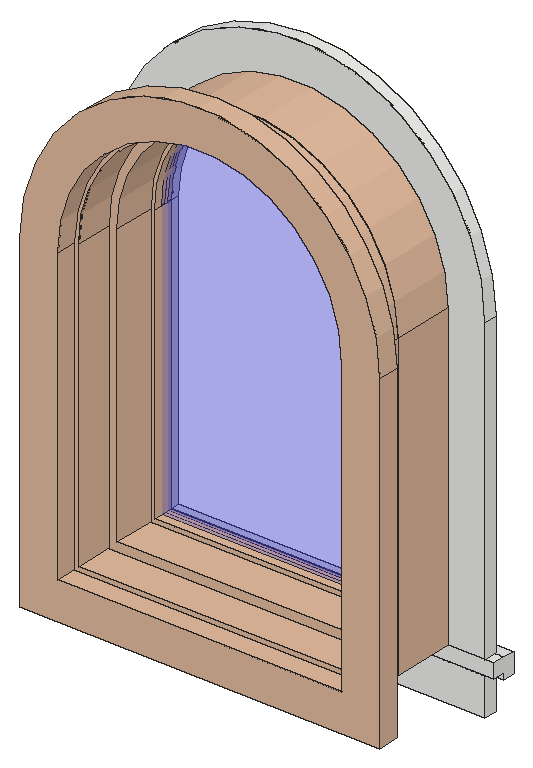
Revit family "66d9cb9defef4f1d943b8a2722896a71", category Windows, host Wall, Revit 2021
Family settings
  Host = Wall
  OmniClass Number = 23.30.20.17.11
  OmniClass Title = Fixed Windows
  Always vertical = Yes
  Cut with Voids When Loaded = No
  Shared = No
  Room Calculation Point = No
Parameters (values of type "18" x 27"")
  Window Inset [instance] = 0' - 0"
  Wall Thickness [instance] = 0' - 6"
  Visual Light Transmittance = 0.81
  Thermal Resistance (R) = 1.8146 (h·ft²·°F)/BTU
  Solar Heat Gain Coefficient = 0.76
  Rough Width = Width + 0' 0 1/2"  # 1' - 6 1/2"
  Rough Height = Height + 0' 0 1/2"  # 2' - 3 1/2"
  Interior Wall Closure [instance] = 0' - 2 1/4"
  Interior Trim Visibility [instance] = yes
  Interior Trim Material = Wood - Stained
  Interior Trim = Trim-Window-Interior-Flat-Arch-Top-Tree_Centered : Picture Frame
  Height = 1.5 * Width  # 2' - 3"
  Interior Frame Material = Wood - Stained
  Heat Transfer Coefficient (U) = 0.5511 BTU/(h·ft²·°F)
  Glass Panel Material = Glass
  Frame Extension [instance] = if(Exterior Trim Visibility, Window Inset + 0' 0 1/4", 0' 0 1/4")  # 0' - 0 1/4"
  Fire Rating = "0.5h"
  Exterior Wall Closure [instance] = 0' - 1 1/4"
  Exterior Trim Visibility [instance] = yes
  Exterior Trim Material = Clad - White
  Exterior Trim = Trim-Window-Exterior-Flat-Arch-Top-Tree_Centered : with Sill
  Exterior Frame Material = Clad - White
  Extension Jamb Visibility [instance] = and(Interior Trim Visibility, Wall Thickness - Window Inset > 0' 3 3/4")  # yes
  Extension Jamb [instance] = if(Wall Thickness - Window Inset > 0' 3 3/4", Wall Thickness - Window Inset - 0' 3 3/4", 0' 1")  # 0' - 2 1/4"
  Default Sill Height = 3' - 0"
  Wall Closure = By host
  Width = 1' - 6"
  Assembly Code = "B2020100"
  Analytic Construction = "Double glazing - domestic"
Reference planes (in)
  plane 1 "Center (Front/Back)": y = 0
  plane 2: z = 0
  plane 3 "Center (Left/Right)": x = 0
  plane 4 "Left": x = -9
  plane 5 "Right": x = 9
  plane 6 "Sill": z = 36
  plane 7 "Top": z = 63
  plane 8 "Inset Face": y = 3
  plane 9 "Wall Closure": y = -0.75
  plane 10 "Sash Face": y = 3.5
  plane 11 "Exterior": y = 3
  plane 12: x = 8.5
  plane 13: x = -8.5
  plane 14: z = 62.5
  plane 15: z = 36.5
  plane 16: x = 7.5
  plane 17: x = -7.5
  plane 18: z = 61.5
  plane 19: z = 37.5
  plane 20: y = 2.25
  plane 21 "Glass": y = 2.625
  plane 22 "Middle": z = 49.5
  plane 23: y = 3.75
  plane 24: y = 3.75
  plane 25 "Interior": y = -3
  plane 26 "Jamb": y = -0.75
  plane 27: z = 54
  plane 28: z = 45
  plane 29: y = -0.75
  plane 30: y = 1.75
  plane 31: y = 3.75
Forms (in)
  Sweep 1, solid, material "Wood - Stained" <- "Interior Frame Material"
    path origin (0, 3.5, 0) x (-1, 0, 0) y (0, 0, 1)
      loop
        line (-9, 36) -> (9, 36) -> (9, 54)
        arc (9, 54) -> (0, 63) -> (-9, 54) r 9
        line (-9, 54) -> (-9, 36)
    profile origin (9, 3.5, 45) x (1, 0, 0) y (0, 1, 0)
      loop
        line (0, 0.25) -> (-0.5, 0.25) -> (-0.5, -1.75) -> (-1.25, -1.75) -> (-1.25, -4.25) -> (0, -4.25) -> (0, 0.25)
  Extrusion 2, solid, material "Wood - Stained" <- "Interior Frame Material", visible <- "Extension Jamb Visibility"
    sketch origin (0, 0, 0) x (1, 0, 0) y (0, 0, 1)
      loop
        line (9, 36) -> (9, 54)
        arc (9, 54) -> (0, 63) -> (-9, 54) r 9
        line (-9, 54) -> (-9, 36) -> (9, 36)
      loop
        line (8.25, 36.75) -> (8.25, 54)
        arc (8.25, 54) -> (0, 62.25) -> (-8.25, 54) r 8.25
        line (-8.25, 54) -> (-8.25, 36.75) -> (8.25, 36.75)
    from 0.75 to 3
  Sweep 3, solid, material "Wood - Stained" <- "Interior Frame Material"
    path origin (0, 3.5, 0) x (-1, 0, 0) y (0, 0, 1)
      loop
        line (-8.5, 36.5) -> (8.5, 36.5) -> (8.5, 54)
        arc (8.5, 54) -> (0, 62.5) -> (-8.5, 54) r 8.5
        line (-8.5, 54) -> (-8.5, 36.5)
    profile origin (8.5, 3.5, 45.25) x (1, 0, 0) y (0, 1, 0)
      loop
        line (0, -0.5) -> (-1, -0.5) -> (-1, -1.75) -> (0, -1.75) -> (0, -0.5)
  Extrusion 4, solid, material "Glass" <- "Glass Panel Material"
    sketch origin (-27.46716, 2.625, 48) x (-1, 0, 0) y (0, 0, 1)
      loop
        line (-34.96716, -10.5) -> (-19.96716, -10.5) -> (-19.96716, 6)
        arc (-19.96716, 6) -> (-27.46716, 13.5) -> (-34.96716, 6) r 7.5
        line (-34.96716, 6) -> (-34.96716, -10.5)
    from 0.125 to 0.375
  Extrusion 5, solid, material "Glass" <- "Glass Panel Material"
    sketch origin (-27.46716, 2.625, 48) x (-1, 0, 0) y (0, 0, 1)
      loop
        line (-34.96716, -10.5) -> (-19.96716, -10.5) -> (-19.96716, 6)
        arc (-19.96716, 6) -> (-27.46716, 13.5) -> (-34.96716, 6) r 7.5
        line (-34.96716, 6) -> (-34.96716, -10.5)
    from -0.125 to -0.375
  Sweep 6, solid, material "Clad - White" <- "Exterior Frame Material"
    path origin (0, 0, 0) x (1, 0, 0) y (0, 0, 1)
      loop
        line (-8.5, 36.5) -> (8.5, 36.5) -> (8.5, 54)
        arc (8.5, 54) -> (0, 62.5) -> (-8.5, 54) r 8.5
        line (-8.5, 54) -> (-8.5, 36.5)
    profile origin (-8.5, 0, 45.25) x (-1, 0, 0) y (0, -1, 0)
      loop
        line (-1, -3.5) -> (0, -3.5) -> (0, -3) -> (-1, -3) -> (-1, -3.5)
Lines and regions (in)
  Opening 1
    outline origin (-60, -3, 0) x (1, 0, 0) y (0, 0, 1)
      loop
        line (51, 54) -> (51, 36) -> (69, 36) -> (69, 54)
        arc (69, 54) -> (60, 63) -> (51, 54) r 9
  Split face 1
    outline origin (-7.5, 1.75, 37.5) x (1, 0, 0) y (0, 1, 0)
      loop
        line (0, 0.75) -> (15, 0.75)
Text (in)
  text "EXTERIOR" at (-58.6888, 50.90694, 0), in view "Ref. Level"
  text "INTERIOR" at (-58.6888, -37.76638, 0), in view "Ref. Level"
  text "Exterior" at (0, 43.65631, 123.19604), in view "Left"
  text "Exterior" at (0, 18.29385, 125.04747), in view "Right"
Dimensions and locks (in)
  equal spacing: plane 4 "Left", plane 3 "Center (Left/Right)", plane 5 "Right"
  "Width": plane 4 "Left" to plane 5 "Right"
  "Height": plane 6 "Sill" to plane 7 "Top"
  "Default Sill Height": plane 2 to plane 6 "Sill"
  locked: plane 10 "Sash Face" to plane 8 "Inset Face" at 0.5
  "Wall Thickness": host wall to host wall
  "Window Inset": plane 11 "Exterior" to plane 8 "Inset Face"
  locked: Sweep 1 sketch curve to plane 5 "Right" at 1.25
  locked: Sweep 1 sketch curve to plane 5 "Right" at 0.5
  locked: plane 10 "Sash Face" to Sweep 1 sketch curve at 1.75
  locked: plane 12 to plane 5 "Right" at 0.5
  locked: plane 4 "Left" to plane 13 at 0.5
  locked: plane 14 to plane 7 "Top" at 0.5
  locked: plane 6 "Sill" to plane 15 at 0.5
  locked: plane 16 to plane 12 at 1
  locked: plane 13 to plane 17 at 1
  locked: plane 18 to plane 14 at 1
  locked: plane 15 to plane 19 at 1
  locked: Extrusion 2 sketch curve to plane 5 "Right" at 0.75
  locked: Extrusion 2 sketch curve to plane 4 "Left" at 0.75
  locked: plane 6 "Sill" to Extrusion 2 sketch curve at 0.75
  equal spacing: plane 8 "Inset Face", plane 21 "Glass", plane 20
  locked: plane 8 "Inset Face" to plane 20 at 0.75
  equal spacing: plane 6 "Sill", plane 22 "Middle", plane 7 "Top"
  locked: plane 23 to plane 11 "Exterior" at 0.75
  locked: plane 24 to plane 10 "Sash Face" at 0.25
  "Extension Jamb": plane 26 "Jamb" to plane 25 "Interior"
  locked: plane 8 "Inset Face" to plane 9 "Wall Closure" at 3.75
  equal spacing: plane 6 "Sill", plane 28, plane 27, plane 7 "Top"
  "Interior Wall Closure": plane 29 to plane 25 "Interior"
  "Exterior Wall Closure": plane 11 "Exterior" to plane 30
  "Frame Extension": plane 31 to plane 10 "Sash Face"
  aligned and locked: plane 6 "Sill" to Opening 1 sketch curve  (x2)
  aligned and locked: level to plane 2
  aligned and locked: host wall to plane 11 "Exterior"
  aligned and locked: plane 5 "Right" to Sweep 1 sketch curve
  aligned and locked: Sweep 1 sketch curve to plane 4 "Left"
  aligned and locked: Sweep 1 sketch curve to plane 6 "Sill"
  aligned and locked: Extrusion 2 sketch curve to host wall  (x3)
  aligned and locked: host wall to Extrusion 2
  aligned and locked: plane 15 to Sweep 3 sketch curve
  aligned and locked: plane 25 "Interior" to host wall
  aligned and locked: plane 26 "Jamb" to Extrusion 2
  aligned and locked: plane 9 "Wall Closure" to Sweep 1
  aligned and locked: nested 1 to plane 4 "Left"
  aligned and locked: plane 11 "Exterior" to nested 1
  aligned and locked: plane 12 to Sweep 3 sketch curve
  aligned and locked: plane 16 to Sweep 3 sketch curve
  aligned and locked: plane 27 to Opening 1 sketch curve  (x3)
  aligned and locked: plane 3 "Center (Left/Right)" to Opening 1 sketch curve
  aligned and locked: plane 4 "Left" to Opening 1 sketch curve
  aligned and locked: plane 27 to Extrusion 2 sketch curve  (x6)
  aligned and locked: plane 3 "Center (Left/Right)" to Extrusion 2 sketch curve  (x2)
  aligned and locked: plane 27 to Sweep 1 sketch curve  (x3)
  aligned and locked: plane 3 "Center (Left/Right)" to Sweep 1 sketch curve
  aligned and locked: plane 27 to Sweep 3 sketch curve  (x3)
  aligned and locked: plane 3 "Center (Left/Right)" to Sweep 3 sketch curve
  aligned and locked: plane 27 to Extrusion 4 sketch curve  (x3)
  aligned and locked: plane 3 "Center (Left/Right)" to Extrusion 4 sketch curve
  aligned and locked: plane 16 to Extrusion 4 sketch curve
  aligned and locked: plane 17 to Extrusion 4 sketch curve
  aligned and locked: Extrusion 4 sketch curve to plane 19
  aligned and locked: plane 16 to Extrusion 5 sketch curve
  aligned and locked: Extrusion 5 sketch curve to plane 19
  aligned and locked: plane 17 to Extrusion 5 sketch curve
  aligned and locked: plane 27 to Extrusion 5 sketch curve  (x3)
  aligned and locked: plane 3 "Center (Left/Right)" to Extrusion 5 sketch curve
  aligned and locked: Sweep 3 sketch curve to plane 13
  aligned and locked: plane 8 "Inset Face" to Sweep 3 sketch curve
  aligned and locked: Sweep 6 sketch curve to plane 12
  aligned and locked: plane 13 to Sweep 6 sketch curve
  aligned and locked: plane 27 to Sweep 6 sketch curve  (x3)
  aligned and locked: plane 3 "Center (Left/Right)" to Sweep 6 sketch curve
  aligned and locked: Sweep 6 sketch curve to plane 15
  aligned and locked: plane 10 "Sash Face" to Sweep 6 sketch curve
  aligned and locked: Sweep 6 sketch curve to plane 17
  aligned and locked: Sweep 6 sketch curve to Sweep 3  (x2)
  aligned and locked: plane 7 "Top" to nested 1
  aligned and locked: plane 7 "Top" to nested 3
  aligned and locked: plane 7 "Top" to nested 2
  aligned and locked: nested 2 to plane 3 "Center (Left/Right)"
  aligned and locked: plane 3 "Center (Left/Right)" to nested 3
  aligned and locked: plane 31 to Sweep 1 sketch curve
Automatic sketch dimensions
  Sweep 1 sketch curve to profile plane = 0' - 0"
  Sweep 1 sketch curve to Sweep 1 sketch curve = 0' - 2 1/2"
  Split face 1 sketch curve to Sweep 3 = 0' - 0"  (x2)
  Sweep 3 sketch curve to profile plane = 0' - 0"
  Sweep 3 sketch curve to plane 10 "Sash Face" = 0' - 1 3/4"
  Sweep 3 to Split face 1 sketch curve = 0' - 0 1/2"
Nested families (in)
  nested 1: "Plan-Fixed" at (0, 3, 36) x (-1, 0, 0) z (0, 0, 1), Width <- "Width", Window Inset <- "Window Inset", Wall Thickness <- "Wall Thickness", Height <- "Height", type "Plan-Fixed"
    with Window Inset of 3D 0' - 0", Window Inset 0' - 0", Width 1' - 6", Wall Thickness 0' - 6", Height 2' - 3"
  nested 2: "Trim-Window-Exterior-Flat-Arch-Top-Tree_Centered" at (0, 3, 63) x (-1, 0, 0) z (0, 1, 0), visible <- "Exterior Trim Visibility", Trim Material <- "Exterior Trim Material", Opening Width <- "Width", type <- "Exterior Trim", type "with Sill"
    with Trim Material Clad - White, Opening Width 1' - 6", Opening Height 2' - 3"
  nested 3: "Trim-Window-Interior-Flat-Arch-Top-Tree_Centered" at (0, -3, 63) x (1, 0, 0) z (0, -1, 0), visible <- "Interior Trim Visibility", Trim Material <- "Interior Trim Material", Opening Width <- "Width", type <- "Interior Trim", type "Picture Frame"
    with Trim Material Wood - Stained, Opening Width 1' - 6", Opening Height 2' - 3"
Definition of nested family "Trim-Window-Exterior-Flat-Arch-Top-Tree_Centered"
  Parameters (values of type "with Sill")
    Trim Width = 0' - 2 1/4"
    Trim Thickness_Picture Frame = 0' - 1 1/4"
    Trim Thickness_with Sill = 0' - 0 3/4"
    Trim Material [instance] = none
    Sill Thickness = 0' - 1 1/4"
    Sill = yes
    Picture Frame = no
    Opening Width [instance] = 2' - 0"
    Opening Height [instance] = 1.5 * Opening Width  # 3' - 0"
    Default Elevation = 4' - 0"
  Types (2): name | Sill | Picture Frame
    with Sill | yes | no
    Picture Frame | no | yes
  Reference planes (in)
    plane 1 "Center (Front/Back)": y = 0
    plane 2: z = 0
    plane 3 "Center (Left/Right)": x = 0
    plane 4: y = 2.25
    plane 5 "Left": x = -12
    plane 6 "Right": x = 12
    plane 7 "Bottom": y = -36
    plane 8: y = -37.25
    plane 9: y = -39.12332
    plane 10: x = 14.25
    plane 11: x = -14.25
    plane 12: z = 0.75
    plane 13: z = 1.25
    plane 14: x = 14.75
    plane 15: x = -14.75
    plane 16: y = -36.87332
    plane 17: y = -38.25
    plane 18: z = 0.5
    plane 19: y = -24
    plane 20: z = 1.5
    plane 21: y = -12
  Forms (in)
    Extrusion 1, solid
      sketch origin (0, 0, 0) x (1, 0, 0) y (0, 1, 0)
        loop
          line (-14.25, 2.25) -> (-14.25, -36) -> (14.25, -36) -> (14.25, 2.25) -> (-14.25, 2.25)
      from 0 to -12
    Extrusion 2, solid, material <- "Trim Material", visible <- "Sill"
      sketch origin (0, 0, 0) x (1, 0, 0) y (0, 1, 0)
        loop
          line (-14.25, -36) -> (-12, -36) -> (-12, -12)
          arc (-12, -12) -> (0, 0) -> (12, -12) r 12
          line (12, -12) -> (12, -36) -> (14.25, -36) -> (14.25, -12)
          arc (14.25, -12) -> (0, 2.25) -> (-14.25, -12) r 14.25
          line (-14.25, -12) -> (-14.25, -36)
      from 0 to 0.75
    Extrusion 3, solid, material <- "Trim Material", visible <- "Sill"
      sketch origin (0, 0, 0) x (0, 1, 0) y (0, 0, 1)
        loop
          line (-36.09677, 1.5) -> (-37.25, 1.5) -> (-37.25, 0.75) -> (-36.87332, 0.75) -> (-36.87332, 0) -> (-36, 0) -> (-36, 0.75) -> (-36.09677, 1.5)
      from -14.75 to 14.75
    Extrusion 4, solid, material <- "Trim Material", visible <- "Sill"
      sketch origin (0, 0, 0) x (1, 0, 0) y (0, 1, 0)
        loop
          line (-14.25, -36.87332) -> (-14.25, -39.12332) -> (14.25, -39.12332) -> (14.25, -36.87332) -> (-14.25, -36.87332)
      from 0 to 0.75
    Extrusion 5, solid, material <- "Trim Material", visible <- "Picture Frame"
      sketch origin (0, 0, 0) x (1, 0, 0) y (0, 1, 0)
        loop
          line (-12, -36) -> (12, -36) -> (12, -12)
          arc (12, -12) -> (0, 0) -> (-12, -12) r 12
          line (-12, -12) -> (-12, -36)
        loop
          line (-14.25, -38.25) -> (14.25, -38.25) -> (14.25, -12)
          arc (14.25, -12) -> (0, 2.25) -> (-14.25, -12) r 14.25
          line (-14.25, -12) -> (-14.25, -38.25)
      from 0 to 1.25
  Dimensions and locks (in)
    equal spacing: plane 5 "Left", plane 3 "Center (Left/Right)", plane 6 "Right"
    "Opening Width": plane 5 "Left" to plane 6 "Right"
    "Opening Height": plane 7 "Bottom" to plane 1 "Center (Front/Back)"
    "Sill Thickness": plane 7 "Bottom" to plane 8
    "Trim Width": plane 11 to plane 5 "Left"
    "Trim Width": plane 6 "Right" to plane 10
    "Trim Width": plane 1 "Center (Front/Back)" to plane 4
    locked: plane 15 to plane 11 at 0.5
    locked: plane 10 to plane 14 at 0.5
    locked: plane 16 to plane 8 at 0.37668
    "Trim Width": plane 9 to plane 16
    "Trim Width": plane 17 to plane 7 "Bottom"
    locked: plane 18 to plane 2 at 0.5
    locked: plane 20 to plane 12 at 0.75
    "Trim Thickness_with Sill": plane 12 to plane 2
    "Trim Thickness_Picture Frame": plane 13 to plane 2
    equal spacing: plane 7 "Bottom", plane 19, plane 21, plane 1 "Center (Front/Back)"
    aligned and locked: plane 2 to Extrusion 1
    aligned and locked: level to Extrusion 1
    aligned and locked: Extrusion 2 sketch curve to plane 5 "Left"
    aligned and locked: Extrusion 2 sketch curve to plane 11
    aligned and locked: plane 7 "Bottom" to Extrusion 2 sketch curve  (x2)
    aligned and locked: plane 10 to Extrusion 2 sketch curve
    aligned and locked: Extrusion 2 sketch curve to plane 6 "Right"
    aligned and locked: plane 12 to Extrusion 2
    aligned and locked: Extrusion 3 sketch curve to level
    aligned and locked: plane 7 "Bottom" to Extrusion 3 sketch curve
    aligned and locked: Extrusion 3 sketch curve to plane 8
    aligned and locked: plane 15 to Extrusion 3
    aligned and locked: Extrusion 3 to plane 14
    aligned and locked: plane 10 to Extrusion 4 sketch curve
    aligned and locked: Extrusion 4 sketch curve to plane 11
    aligned and locked: plane 16 to Extrusion 4 sketch curve
    aligned and locked: plane 9 to Extrusion 4 sketch curve
    aligned and locked: Extrusion 4 to Extrusion 2
    aligned and locked: Extrusion 5 sketch curve to plane 17
    aligned and locked: plane 7 "Bottom" to Extrusion 5 sketch curve
    aligned and locked: Extrusion 5 sketch curve to plane 6 "Right"
    aligned and locked: plane 10 to Extrusion 5 sketch curve
    aligned and locked: Extrusion 5 sketch curve to plane 5 "Left"
    aligned and locked: Extrusion 5 sketch curve to plane 11
    aligned and locked: plane 13 to Extrusion 5
    aligned and locked: plane 20 to Extrusion 3
    aligned and locked: plane 21 to Extrusion 5 sketch curve  (x6)
    aligned and locked: plane 3 "Center (Left/Right)" to Extrusion 5 sketch curve  (x2)
    aligned and locked: plane 21 to Extrusion 2 sketch curve  (x6)
    aligned and locked: plane 3 "Center (Left/Right)" to Extrusion 2 sketch curve  (x2)
  Automatic sketch dimensions
    Extrusion 1 sketch curve to Extrusion 1 sketch curve = 2' - 4 1/2"
    Extrusion 1 sketch curve to Extrusion 1 sketch curve = 3' - 2 1/4"
    Extrusion 3 sketch curve to plane 16 = 0' - 0"
    Extrusion 3 sketch curve to plane 12 = 0' - 0"  (x2)
    Extrusion 3 sketch curve to plane 7 "Bottom" = 0' - 0.09677"
    plane 13 to Extrusion 3 sketch curve = 0' - 0 1/4"
Definition of nested family "Trim-Window-Interior-Flat-Arch-Top-Tree_Centered"
  Parameters (values of type "with Sill")
    Trim Thickness_Picture Frame = 0' - 1 1/4"
    Trim Width = 0' - 2 1/4"
    Trim Thickness_with Sill = 0' - 0 3/4"
    Trim Material [instance] = none
    Sill Thickness = 0' - 1 1/4"
    Sill = yes
    Picture Frame = no
    Opening Width [instance] = 2' - 0"
    Opening Height [instance] = 1.5 * Opening Width  # 3' - 0"
    Default Elevation = 4' - 0"
  Types (2): name | Sill | Picture Frame
    with Sill | yes | no
    Picture Frame | no | yes
  Reference planes (in)
    plane 1 "Center (Front/Back)": y = 0
    plane 2: z = 0
    plane 3 "Center (Left/Right)": x = 0
    plane 4: y = 1.75
    plane 5 "Left": x = -12
    plane 6 "Right": x = 12
    plane 7 "Bottom": y = -36
    plane 8: y = -37.25
    plane 9: y = -39.12332
    plane 10: x = 13.75
    plane 11: x = -13.75
    plane 12: z = 0.75
    plane 13: z = 1.25
    plane 14: x = 14.25
    plane 15: x = -14.25
    plane 16: y = -36.87332
    plane 17: y = -37.75
    plane 18: z = 0.5
    plane 19: x = -11.5
    plane 20: y = -0.5
    plane 21: x = 11.5
    plane 22: y = -35.5
    plane 23: x = -13.25
    plane 24: x = 13.25
    plane 25: y = -12
    plane 26: y = -24
  Forms (in)
    Extrusion 1, solid
      sketch origin (0, 0, 0) x (1, 0, 0) y (0, 1, 0)
        loop
          line (-13.75, 1.75) -> (-13.75, -36) -> (13.75, -36) -> (13.75, 1.75) -> (-13.75, 1.75)
      from 0 to -12
    Extrusion 2, solid, material <- "Trim Material", visible <- "Sill"
      sketch origin (0, 0, 0) x (1, 0, 0) y (0, 1, 0)
        loop
          line (-13.25, -36) -> (-11.5, -36) -> (-11.5, -12)
          arc (-11.5, -12) -> (0, -0.5) -> (11.5, -12) r 11.5
          line (11.5, -12) -> (11.5, -36) -> (13.25, -36) -> (13.25, -12)
          arc (13.25, -12) -> (0, 1.25) -> (-13.25, -12) r 13.25
          line (-13.25, -12) -> (-13.25, -36)
      from 0 to 0.75
    Extrusion 3, solid, material <- "Trim Material", visible <- "Sill"
      sketch origin (0, 0, 0) x (0, 1, 0) y (0, 0, 1)
        loop
          line (-36.5, 1.5) -> (-36.87332, 1.5) -> (-36.87332, 0) -> (-36, 0) -> (-36, 1)
          arc (-36, 1) -> (-36.14645, 1.35355) -> (-36.5, 1.5) r 0.5
      from -13.75 to 13.75
    Extrusion 4, solid, material <- "Trim Material", visible <- "Sill"
      sketch origin (0, 0, 0) x (1, 0, 0) y (0, 1, 0)
        loop
          line (-13.25, -36.87332) -> (-13.25, -39.12332) -> (13.25, -39.12332) -> (13.25, -36.87332) -> (-13.25, -36.87332)
      from 0 to 0.75
    Extrusion 5, solid, material <- "Trim Material", visible <- "Picture Frame"
      sketch origin (0, 0, 0) x (1, 0, 0) y (0, 1, 0)
        loop
          line (-11.5, -35.5) -> (11.5, -35.5) -> (11.5, -12)
          arc (11.5, -12) -> (0, -0.5) -> (-11.5, -12) r 11.5
          line (-11.5, -12) -> (-11.5, -35.5)
        loop
          line (-13.75, -37.75) -> (13.75, -37.75) -> (13.75, -12)
          arc (13.75, -12) -> (0, 1.75) -> (-13.75, -12) r 13.75
          line (-13.75, -12) -> (-13.75, -37.75)
      from 0 to 1.25
  Dimensions and locks (in)
    equal spacing: plane 5 "Left", plane 3 "Center (Left/Right)", plane 6 "Right"
    "Opening Width": plane 5 "Left" to plane 6 "Right"
    "Opening Height": plane 7 "Bottom" to plane 1 "Center (Front/Back)"
    "Sill Thickness": plane 7 "Bottom" to plane 8
    "Trim Width": plane 11 to plane 19
    "Trim Width": plane 21 to plane 10
    "Trim Width": plane 20 to plane 4
    "Trim Thickness_with Sill": plane 12 to plane 2
    locked: plane 15 to plane 11 at 0.5
    locked: plane 10 to plane 14 at 0.5
    locked: plane 16 to plane 8 at 0.37668
    "Trim Width": plane 9 to plane 16
    "Trim Width": plane 17 to plane 22
    plane 20 to plane 1 "Center (Front/Back)" = 0' - 0 1/2"
    plane 5 "Left" to plane 19 = 0' - 0 1/2"
    plane 21 to plane 6 "Right" = 0' - 0 1/2"
    plane 22 to plane 7 "Bottom" = 0' - 0 1/2"
    locked: plane 11 to plane 23 at 0.5
    locked: plane 24 to plane 10 at 0.5
    "Trim Thickness_Picture Frame": plane 13 to plane 2
    locked: Extrusion 3 to plane 12 at 0.75
    locked: plane 12 to Extrusion 3 sketch curve at 0.75
    equal spacing: plane 7 "Bottom", plane 26, plane 25, plane 1 "Center (Front/Back)"
    radius of Extrusion 3 sketch curve = 0' - 0 1/2"
    aligned and locked: plane 2 to Extrusion 1
    aligned and locked: level to Extrusion 1
    aligned and locked: plane 7 "Bottom" to Extrusion 2 sketch curve  (x2)
    aligned and locked: plane 12 to Extrusion 2
    aligned and locked: Extrusion 3 sketch curve to level
    aligned and locked: plane 7 "Bottom" to Extrusion 3 sketch curve
    aligned and locked: plane 16 to Extrusion 4 sketch curve
    aligned and locked: plane 9 to Extrusion 4 sketch curve
    aligned and locked: Extrusion 5 sketch curve to plane 17
    aligned and locked: plane 10 to Extrusion 5 sketch curve
    aligned and locked: Extrusion 5 sketch curve to plane 11
    aligned and locked: plane 13 to Extrusion 5
    aligned and locked: Extrusion 5 sketch curve to plane 19
    aligned and locked: Extrusion 5 sketch curve to plane 21
    aligned and locked: plane 22 to Extrusion 5 sketch curve
    aligned and locked: Extrusion 4 to plane 24
    aligned and locked: plane 11 to Extrusion 3
    aligned and locked: Extrusion 3 to plane 10
    aligned and locked: Extrusion 2 sketch curve to plane 21
    aligned and locked: Extrusion 2 sketch curve to plane 24
    aligned and locked: Extrusion 2 sketch curve to plane 19
    aligned and locked: Extrusion 2 sketch curve to plane 23
    aligned and locked: plane 12 to Extrusion 4
    aligned and locked: plane 25 to Extrusion 5 sketch curve  (x6)
    aligned and locked: plane 3 "Center (Left/Right)" to Extrusion 5 sketch curve  (x2)
    aligned and locked: plane 25 to Extrusion 2 sketch curve  (x6)
    aligned and locked: plane 3 "Center (Left/Right)" to Extrusion 2 sketch curve  (x2)
  Automatic sketch dimensions
    Extrusion 1 sketch curve to Extrusion 1 sketch curve = 2' - 3 1/2"
    Extrusion 1 sketch curve to Extrusion 1 sketch curve = 3' - 1 3/4"
    Extrusion 3 sketch curve to plane 16 = 0' - 0"
    Extrusion 4 sketch curve to plane 11 = 0' - 0 1/2"
    Extrusion 4 sketch curve to plane 24 = 0' - 0"
Definition of nested family "Plan-Fixed"
  Parameters (values of type "Plan-Fixed")
    Window Inset [instance] = 0' - 1"
    Window Inset of 3D [instance] = if(Window Inset - 0' 0 1/2" < 0' 0", 0' 0", if(Window Inset - 0' 0 1/2" < Wall Thickness - 0' 3 1/2", Window Inset - 0' 0 1/2", Wall Thickness - 0' 3 1/2"))  # 0' - 0 1/2"
    Width [instance] = 4' - 0"
    Wall Thickness [instance] = 0' - 6"
    Height [instance] = 3' - 0"
    Default Elevation = 4' - 0"
    Analytic Construction = "<None>"
  Reference planes (in)
    plane 1 "Center (Front/Back)": y = 0
    plane 2: z = 0
    plane 3 "Center (Left/Right)": x = 0
    plane 4: x = -24
    plane 5: x = 24
    plane 6 "Jamb": y = -4
    plane 7: x = -23.5
    plane 8: x = -22.75
    plane 9: y = -0.5
    plane 10: y = -2.25
    plane 11: y = -1.375
    plane 12: x = -22.5
    plane 13: x = 23.5
    plane 14: x = 22.75
    plane 15: x = 22.5
    plane 16 "Window Inset": y = -1
    plane 17 "Wall": y = -6
    plane 18: z = 36
    plane 19: z = 35.5
    plane 20: z = 0.5
    plane 21: z = 34.75
    plane 22: z = 1.25
    plane 23: z = 34.5
    plane 24: z = 1.5
  Lines and regions (in)
    Masking region 1
      outline origin (0, 0.75, 0) x (1, 0, 0) y (0, 1, 0)
        loop
          line (-24, -6.75) -> (24, -6.75) -> (24, -0.75) -> (-24, -0.75) -> (-24, -6.75)
    Masking region 2
      outline origin (0, 0, 0) x (0, 1, 0) y (0, 0, 1)
        loop
          line (-6, 36) -> (-6, 0) -> (0, 0) -> (0, 36) -> (-6, 36)
    symbolic lines
      curve 1: line (-23.5, -2.25, 0) -> (-22.75, -2.25, 0)
      curve 2: line (-22.75, -2.25, 0) -> (-22.75, -4, 0)
      curve 3: line (-23.5, -0.5, 0) -> (-23.5, -2.25, 0)
      curve 4: line (-24, -0.5, 0) -> (-22.5, -0.5, 0)
      curve 5: line (-22.5, -0.5, 0) -> (-22.5, -2.25, 0)
      curve 6: line (-22.5, -2.25, 0) -> (-22.75, -2.25, 0)
      curve 7: line (-22.5, -1.375, 0) -> (22.5, -1.375, 0)
      curve 8: line (23.5, -2.25, 0) -> (22.75, -2.25, 0)
      curve 9: line (22.75, -2.25, 0) -> (22.75, -4, 0)
      curve 10: line (23.5, -0.5, 0) -> (23.5, -2.25, 0)
      curve 11: line (22.5, -0.5, 0) -> (22.5, -2.25, 0)
      curve 12: line (22.5, -2.25, 0) -> (22.75, -2.25, 0)
      curve 13: line (-24, -4, 0) -> (-22.75, -4, 0)
      curve 14: line (22.75, -4, 0) -> (24, -4, 0)
      curve 15: line (0, -0.5, 35.5) -> (0, -2.25, 35.5)
      curve 16: line (0, -2.25, 34.75) -> (0, -4, 34.75)
      curve 17: line (0, -4, 0) -> (0, -4, 1.25)
      curve 18: line (0, -0.5, 0.5) -> (0, -2.25, 0.5)
      curve 19: line (0, -2.25, 0.5) -> (0, -2.25, 1.5)
      curve 20: line (0, -2.25, 1.25) -> (0, -4, 1.25)
      curve 21: line (0, -0.5, 36) -> (0, -0.5, 34.5)
      curve 22: line (0, -0.5, 34.5) -> (0, -2.25, 34.5)
      curve 23: line (0, -2.25, 1.5) -> (0, -0.5, 1.5)
      curve 24: line (0, -1.375, 1.5) -> (0, -1.375, 34.5)
      curve 25: line (0, -2.25, 35.5) -> (0, -2.25, 34.5)
      curve 26: line (22.5, -0.5, 0) -> (24, -0.5, 0)
      curve 27: line (0, -4, 34.75) -> (0, -4, 36)
      curve 28: line (0, -0.5, 1.5) -> (0, -0.5, 0)
      curve 29: line (-22.5, -0.5, 0) -> (22.5, -0.5, 0)
      curve 30: line (22.75, -4, 0) -> (-22.75, -4, 0)
      curve 31: line (0, -0.5, 34.5) -> (0, -0.5, 1.5)
      curve 32: line (0, -4, 1.25) -> (0, -4, 34.75)
  Dimensions and locks (in)
    "Width": plane 4 to plane 5
    equal spacing: plane 4, plane 3 "Center (Left/Right)", plane 5
    plane 4 to plane 7 to plane 8 = 0' - 0 1/2" locked, 0' - 0 3/4" locked
    equal spacing: plane 9, plane 11, plane 10
    plane 5 to plane 13 to plane 14 = 0' - 0 1/2" locked, 0' - 0 3/4" locked
    locked: plane 9 to plane 16 "Window Inset" at 0.5
    locked: plane 9 to plane 10 at 1.75
    "Wall Thickness": plane 17 "Wall" to plane 1 "Center (Front/Back)"
    "Height": plane 18 to plane 2
    locked: plane 18 to plane 19 at 0.5
    locked: plane 20 to plane 2 at 0.5
    locked: plane 19 to plane 21 at 0.75
    locked: plane 22 to plane 20 at 0.75
    locked: plane 10 to plane 6 "Jamb" at 1.75
    "Window Inset of 3D": plane 9 to plane 1 "Center (Front/Back)"
    locked: plane 7 to plane 12 at 1
    locked: plane 15 to plane 13 at 1
    locked: plane 19 to plane 23 at 1
    locked: plane 24 to plane 20 at 1
    aligned and locked: plane 2 to level
    aligned and locked: curve 2 to plane 8
    aligned and locked: curve 1 to plane 10
    aligned and locked: plane 4 to Masking region 1 sketch curve
    aligned and locked: Masking region 1 sketch curve to plane 5
    aligned and locked: plane 14 to curve 9
    aligned and locked: Masking region 1 sketch curve to plane 17 "Wall"
    aligned and locked: curve 13 to plane 6 "Jamb"
    aligned and locked: curve 14 to plane 6 "Jamb"
    aligned and locked: plane 1 "Center (Front/Back)" to Masking region 1 sketch curve
    aligned and locked: Masking region 2 sketch curve to plane 18
    aligned and locked: plane 17 "Wall" to Masking region 2 sketch curve
    aligned and locked: level to Masking region 2 sketch curve
    aligned and locked: plane 6 "Jamb" to curve 17
    aligned and locked: plane 21 to curve 16
    aligned and locked: plane 19 to curve 15
    aligned and locked: plane 22 to curve 20
    aligned and locked: plane 10 to curve 19  (x2)
    aligned and locked: plane 20 to curve 18
    aligned and locked: curve 21 to plane 9
    aligned and locked: plane 23 to curve 22
    aligned and locked: curve 23 to plane 24
    aligned and locked: plane 11 to curve 24
    aligned and locked: plane 4 to curve 4
    aligned and locked: plane 5 to curve 26
    aligned and locked: plane 18 to curve 21
    aligned and locked: plane 9 to curve 15
    aligned and locked: plane 9 to curve 18
    aligned and locked: plane 2 to curve 28
    aligned and locked: plane 9 to curve 3
    aligned and locked: plane 9 to curve 10
    aligned and locked: curve 25 to plane 10
    aligned and locked: plane 19 to curve 25
    aligned and locked: plane 23 to curve 25
    aligned and locked: plane 2 to curve 17
    aligned and locked: curve 26 to plane 9
    aligned and locked: curve 4 to plane 9
    aligned and locked: curve 5 to plane 12
    aligned and locked: plane 15 to curve 11
    aligned and locked: curve 7 to plane 11
    aligned and locked: curve 12 to plane 10
    aligned and locked: plane 10 to curve 8
    aligned and locked: plane 6 "Jamb" to curve 27
  Automatic sketch dimensions
    Masking region 2 sketch curve to plane 1 "Center (Front/Back)" = 0' - 0"
    curve 13 to plane 4 = 0' - 0"
    curve 3 to plane 7 = 0' - 0"
    curve 10 to plane 13 = 0' - 0"
    curve 14 to plane 5 = 0' - 0"
    curve 18 to plane 20 = 0' - 0"
    curve 27 to plane 18 = 0' - 0"
